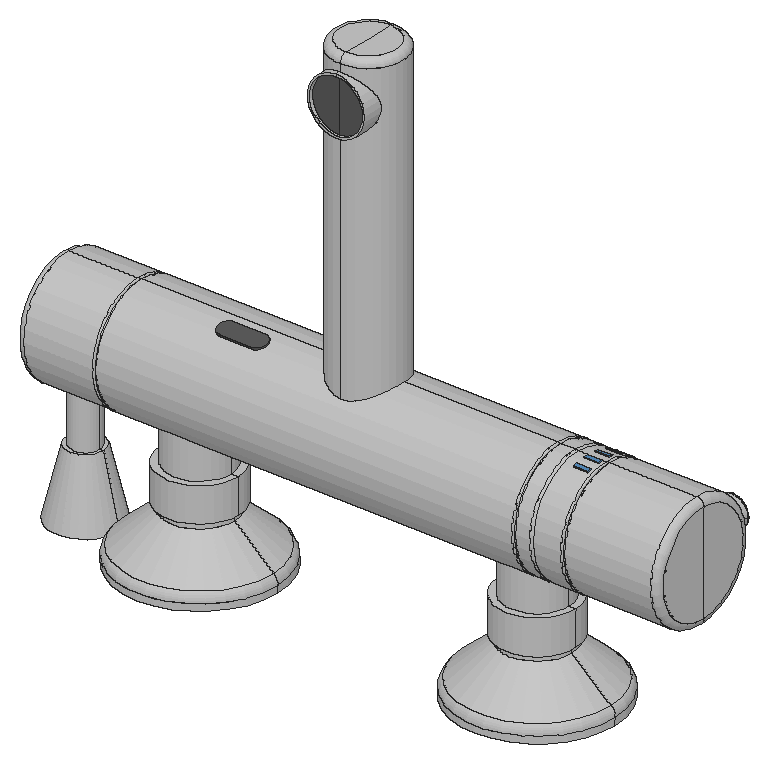
Revit family "Plumbing-Fix_Faucet-Touchless_Stern_Medical-T", category Plumbing Fixtures, host Face, Revit 2024
Family settings
  Host = Face
  Round Connector Dimension = Use Diameter
  Part Type = Normal
  OmniClass Number = 23.45.55.14
  OmniClass Title = Single Faucets
  Enable Cutting in Views = No
  Cut with Voids When Loaded = No
  Maintain Annotation Orientation = No
  Shared = No
  Room Calculation Point = No
Parameters (values of type "1.58 GPM")
  Water Temperature Ring Color [instance] = Finish - Stern - Cold Water
  Waste Connection = no
  Warranty Duration (Years) = 2
  WFU = 0
  Vent Connection = no
  Unit Width = 0' - 11 1/2"
  Unit Height = 0' - 9 1/4"
  URL = "http://www.sternfaucets.com/"
  Type Comments = "as Specified"
  Standards Conformance = "as Specified"
  Spout Reach = 0' - 8 1/2"
  Spout Height = 0' - 0"
  Specification = ""
  SpecWizard = ""
  Sales Information = "http://www.sternfaucets.com/contact-us/contact-us-int-l.html"
  Revision = "R1_2018-04"
  Product Properties = ""
  Product Features = "as Specified"
  Product Data = "http://www.arcat.com/arcatcos/cos50/arc50092.html"
  Power Supply = "9V Transformer"
  Piping_Inlet Diameter = 3/4"
  Piping_Flow = 1.58 GPM
  Operating Temperature Range = "Up to 149 F / 65 C"
  Operating Pressure Range = "7.26 - 116 PSI  ;  0.5 - 8 bar"
  Model = "Medical 1000 TE"
  Manufacturer Website = "http://www.sternfaucets.com/"
  Manufacturer Phone - Toll Free = "800-436-4410"
  Manufacturer Phone = ""
  Manufacturer Fax = ""
  Manufacturer Address = "777 Passaic Ave.  Clifton, NJ 07012"
  Manufacturer = "Stern Engineering"
  Maintenance Schedule (Months) = 0
  Keynote = "22 40 00"
  Installation Phase = ""
  HWFU = 1
  HW Connection = yes
  Green Building-LEED = ""
  Fixture Finish [instance] = Finish - Stern - Chrome
  Expected Lifespan (Years) = 0
  Drawn By = "Sumex Design, Inc. / Robert S. Weygant, CSI, CDT, SCIP"
  Description = "Stern Touchless Wall Mounted Medical Mixing Faucet - Medical 1000 TE as Specified"
  Default Elevation = 0' - 0"
  Cost = 0
  Copyright = "©Arcat Inc."
  Construction Details = ""
  CWFU = 1
  CW Connection = yes
  Body Construction = "Brass"
  Available Options = "as Specified"
  Assembly Code = "D2010300"
  Accent Color [instance] = Finish - Stern - Black
Types (5): name | Piping_Flow
  1.58 GPM | 1.58 GPM
  1 GPM | 1 GPM
  0.8 GPM | 0.8 GPM
  0.5 GPM | 0.5 GPM
  0.35 GPM | 0.35 GPM
Reference planes (in)
  plane 1 "Center (Front/Back)": y = 0
  plane 2: z = 0
  plane 3 "Center (Left/Right)": x = 0
  plane 4: x = -2.95312
  plane 5: x = 2.95313
  plane 6: x = -4.95312
  plane 7: z = 8.5
Forms (in)
  Extrusion 1, void
    sketch origin (0, 0, 0) x (1, 0, 0) y (0, 1, 0)
      loop
        circle (-3.01562, 0) r 0.625
      loop
        circle (2.9892, 0) r 0.625
    from 0 to -1.44157
  Revolve 2, solid, material "Finish - Stern - Chrome" <- "Fixture Finish"
    sketch origin (0, 0, 0) x (1, 0, 0) y (0, 0, 1)
      loop
        line (-2.95312, 0) -> (-2.95312, 3.08747) -> (-3.51027, 3.08747) -> (-3.51027, 1.58747) -> (-3.63587, 1.58747) -> (-3.63587, 0.98458) -> (-3.56364, 0.98458) -> (-3.56364, 0.87087) -> (-4.2464, 0.27736)
        arc (-4.2464, 0.27736) -> (-4.29951, 0.20623) -> (-4.31835, 0.11948) r 0.20919
        line (-4.31835, 0.11948) -> (-4.31835, 0) -> (-2.95312, 0)
      axis (-2.95312, 0) -> (-2.95312, 3.08747)
    angle from 0 to 360
  Revolve 3, solid, material "Finish - Stern - Chrome" <- "Fixture Finish"
    sketch origin (5.90625, 0, 0) x (1, 0, 0) y (0, 0, 1)
      loop
        line (-2.95312, 0) -> (-2.95312, 3.08747) -> (-3.51027, 3.08747) -> (-3.51027, 1.58747) -> (-3.63587, 1.58747) -> (-3.63587, 0.98458) -> (-3.56364, 0.98458) -> (-3.56364, 0.87087) -> (-4.2464, 0.27736)
        arc (-4.2464, 0.27736) -> (-4.29951, 0.20623) -> (-4.31835, 0.11948) r 0.20919
        line (-4.31835, 0.11948) -> (-4.31835, 0) -> (-2.95312, 0)
      axis (-2.95312, 0) -> (-2.95312, 3.08747)
    angle from 0 to 360
  Revolve 4, solid, material "Finish - Stern - Chrome" <- "Fixture Finish"
    sketch origin (-0.54552, 0, -7.57632) x (0, 0, 1) y (-1, 0, 0)
      loop
        line (7.57632, 4.4076) -> (10.68539, 4.4076) -> (10.68539, 4.65748) -> (8.73971, 4.65748) -> (8.73971, 4.72544) -> (7.57632, 5.01551) -> (7.57632, 4.4076)
      axis (7.57632, 4.4076) -> (10.68539, 4.4076)
    angle from 0 to 360
  Revolve 5, solid, material "Finish - Stern - Chrome" <- "Fixture Finish"
    sketch origin (0, 0, 0) x (1, 0, 0) y (0, 0, 1)
      loop
        line (-5.36188, 3.08747) -> (5.86448, 3.08747) -> (5.86448, 3.96247)
        arc (5.86448, 3.96247) -> (5.82787, 4.05086) -> (5.73948, 4.08747) r 0.125
        line (5.73948, 4.08747) -> (4.23195, 4.08747)
        arc (4.23195, 4.08747) -> (4.20985, 4.07832) -> (4.2007, 4.05622) r 0.03125
        arc (4.2007, 4.05622) -> (4.19154, 4.07832) -> (4.16945, 4.08747) r 0.03125
        line (4.16945, 4.08747) -> (3.68898, 4.08747) -> (3.68898, 4.02163)
        arc (3.68898, 4.02163) -> (3.66969, 4.06819) -> (3.62314, 4.08747) r 0.06584
        line (3.62314, 4.08747) -> (3.37314, 4.08747)
        arc (3.37314, 4.08747) -> (3.35104, 4.07832) -> (3.34189, 4.05622) r 0.03125
        arc (3.34189, 4.05622) -> (3.33274, 4.07832) -> (3.31064, 4.08747) r 0.03125
        line (3.31064, 4.08747) -> (-3.96793, 4.08747)
        arc (-3.96793, 4.08747) -> (-3.99003, 4.07832) -> (-3.99918, 4.05622) r 0.03125
        arc (-3.99918, 4.05622) -> (-4.00834, 4.07832) -> (-4.03043, 4.08747) r 0.03125
        line (-4.03043, 4.08747) -> (-5.23688, 4.08747)
        arc (-5.23688, 4.08747) -> (-5.32527, 4.05086) -> (-5.36188, 3.96247) r 0.125
        line (-5.36188, 3.96247) -> (-5.36188, 3.08747)
      axis (5.86448, 3.08747) -> (-5.36188, 3.08747)
    angle from 0 to 360
  Revolve 6, solid, material "Finish - Stern - Chrome" <- "Fixture Finish"
    sketch origin (0, -3.14997, 3.08747) x (1, 0, 0) y (0, 1, 0)
      loop
        line (5.26973, 3.87144) -> (5.26973, 4.54261) -> (5.02001, 4.54261)
        arc (5.02001, 4.54261) -> (4.99791, 4.53346) -> (4.98876, 4.51136) r 0.03125
        line (4.98876, 4.51136) -> (4.98876, 3.87144) -> (5.26973, 3.87144)
      axis (5.26973, 4.54261) -> (5.26973, 3.87144)
    angle from 0 to 360
  Extrusion 7, solid, material "Finish - Stern - Cold Water" <- "Water Temperature Ring Color"
    sketch origin (0, -2.87716, 2.20772) x (1, 0, 0) y (0, 0.965926, 0.258819)
      loop
        line (3.85087, 3.01583) -> (3.85087, 2.94147) -> (4.10087, 2.94147) -> (4.10087, 3.01583) -> (3.85087, 3.01583)
    from 0 to 1.11157
  Extrusion 8, solid, material "Finish - Stern - Cold Water" <- "Water Temperature Ring Color"
    sketch origin (0, -2.97457, 2.82276) x (1, 0, 0) y (0, 0.99863, 0.052336)
      loop
        line (3.85087, 3.01583) -> (3.85087, 2.94147) -> (4.10087, 2.94147) -> (4.10087, 3.01583) -> (3.85087, 3.01583)
    from 0 to 1.11157
  Extrusion 9, solid, material "Finish - Stern - Cold Water" <- "Water Temperature Ring Color"
    sketch origin (0, -2.94198, 3.44462) x (1, 0, 0) y (0, 0.987688, -0.156434)
      loop
        line (3.85087, 3.01583) -> (3.85087, 2.94147) -> (4.10087, 2.94147) -> (4.10087, 3.01583) -> (3.85087, 3.01583)
    from 0 to 1.11157
  Extrusion 10, solid, material "Finish - Stern - Cold Water" <- "Water Temperature Ring Color"
    sketch origin (0, -2.76176, 4.09447) x (1, 0, 0) y (0, 0.927184, -0.374607)
      loop
        line (3.85087, 3.01583) -> (3.85087, 2.94147) -> (4.10087, 2.94147) -> (4.10087, 3.01583) -> (3.85087, 3.01583)
    from 0 to 1.10437
  Extrusion 11, solid, material "Finish - Stern - Cold Water" <- "Water Temperature Ring Color"
    sketch origin (0, -2.46941, 4.64429) x (1, 0, 0) y (0, 0.829038, -0.559193)
      loop
        line (3.85087, 3.01583) -> (3.85087, 2.94147) -> (4.10087, 2.94147) -> (4.10087, 3.01583) -> (3.85087, 3.01583)
    from 0 to 1.09418
  Extrusion 12, solid, material "Finish - Stern - Cold Water" <- "Water Temperature Ring Color"
    sketch origin (0, -2.03144, 5.1571) x (1, 0, 0) y (0, 0.681998, -0.731354)
      loop
        line (3.85087, 3.01583) -> (3.85087, 2.94147) -> (4.10087, 2.94147) -> (4.10087, 3.01583) -> (3.85087, 3.01583)
    from 0 to 1.07702
  Extrusion 13, solid, material "Finish - Stern - Black" <- "Accent Color"
    sketch origin (0, -2.3129, 1.89917) x (1, 0, 0) y (0, 0.965926, 0.258819)
      loop
        arc (-2.24227, 2.65802) -> (-2.39477, 2.50552) -> (-2.24227, 2.35302) r 0.1525
        line (-2.24227, 2.35302) -> (-1.68891, 2.35302)
        arc (-1.68891, 2.35302) -> (-1.53641, 2.50552) -> (-1.68891, 2.65802) r 0.1525
        line (-1.68891, 2.65802) -> (-2.24227, 2.65802)
    from 1.37077 to 1.55347
  Revolve 14, solid, material "Finish - Stern - Chrome" <- "Fixture Finish"
    sketch origin (0, 0, 0) x (0, 1, 0) y (0, 0, 1)
      loop
        line (-0.61169, 3.02949) -> (0, 3.02949) -> (0, 9.25) -> (-0.48669, 9.25)
        arc (-0.48669, 9.25) -> (-0.57508, 9.21339) -> (-0.61169, 9.125) r 0.125
        line (-0.61169, 9.125) -> (-0.61169, 3.02949)
      axis (0, 9.25) -> (0, 3.02949)
    angle from 0 to 360
  Revolve 15, solid, material "Finish - Stern - Chrome" <- "Fixture Finish"
    sketch origin (0, 0, -0.09178) x (0, 1, 0) y (0, 0, 1)
      loop
        line (-0.70428, 9.09178) -> (-0.70428, 9.05726) -> (-0.65192, 9.05726) -> (-0.65192, 8.59178) -> (0, 8.59178) -> (0, 9.09178) -> (-0.70428, 9.09178)
      axis (0, 8.59178) -> (-0.70428, 8.59178)
    angle from 0 to 360
Cuts and joins
  joined: Revolve 5, Revolve 6
Dimensions and locks (in)
  equal spacing: plane 5, plane 3 "Center (Left/Right)", plane 4
  locked: plane 5 to plane 4 at 5.90625
  locked: plane 4 to plane 6 at 2
  aligned and locked: plane 2 to host face
  aligned and locked: level to host face
Automatic sketch dimensions
  host sketch curve to host sketch curve = 8' - 0"  (x2)
  plane 1 "Center (Front/Back)" to Extrusion 1 sketch curve = 0' - 0"  (x2)
  Extrusion 1 sketch curve to plane 4 = 0' - 0 1/16"
  plane 5 to Extrusion 1 sketch curve = 0' - 0.03608"
  Revolve 2 sketch curve to level = 0' - 0"
  Revolve 2 sketch curve to plane 4 = 0' - 0"  (x2)
  Revolve 2 sketch curve to Revolve 2 sketch curve = 0' - 0.55714"
  Revolve 2 sketch curve to Revolve 2 sketch curve = 0' - 0.05337"
  Revolve 2 sketch curve to Revolve 2 sketch curve = 0' - 0.07223"
  level to Revolve 2 sketch curve = 0' - 0.11948"
  Revolve 2 sketch curve to plane 6 = 0' - 0.84397"
  level to Revolve 2 sketch curve = 0' - 0 71/256"
  Revolve 2 sketch curve to Revolve 2 sketch curve = 0' - 0.13724"
  level to Revolve 2 sketch curve = 0' - 0.87087"
  Revolve 2 sketch curve to Revolve 2 sketch curve = 0' - 0.1137"
  Revolve 2 sketch curve to Revolve 2 sketch curve = 0' - 0.6029"
  Revolve 2 sketch curve to Revolve 2 sketch curve = 0' - 1 1/2"
  Revolve 2 sketch curve to level = 0' - 0.36227"
  Revolve 2 sketch curve to Revolve 2 sketch curve = 0' - 0.15456"
  Revolve 3 sketch curve to level = 0' - 0"
  Revolve 3 sketch curve to plane 5 = 0' - 0"  (x2)
  Revolve 3 sketch curve to Revolve 3 sketch curve = 0' - 0.55714"
  Revolve 3 sketch curve to Revolve 3 sketch curve = 0' - 0.05337"
  Revolve 3 sketch curve to Revolve 3 sketch curve = 0' - 0.07223"
  level to Revolve 3 sketch curve = 0' - 0.11948"
  Revolve 3 sketch curve to Revolve 3 sketch curve = 0' - 0.54552"
  level to Revolve 3 sketch curve = 0' - 0 71/256"
  Revolve 3 sketch curve to Revolve 3 sketch curve = 0' - 0.13724"
  level to Revolve 3 sketch curve = 0' - 0.87087"
  Revolve 3 sketch curve to Revolve 3 sketch curve = 0' - 0.1137"
  Revolve 3 sketch curve to Revolve 3 sketch curve = 0' - 0.6029"
  Revolve 3 sketch curve to Revolve 3 sketch curve = 0' - 1 1/2"
  Revolve 3 sketch curve to level = 0' - 0.36227"
  Revolve 3 sketch curve to Revolve 3 sketch curve = 0' - 0.15456"
  plane 6 to Revolve 4 sketch curve = 0' - 0"  (x2)
  Revolve 4 sketch curve to level = 0' - 0"
  plane 6 to Revolve 4 sketch curve = 0' - 0.31784"
  level to Revolve 4 sketch curve = 0' - 1.16339"
  Revolve 4 sketch curve to Revolve 4 sketch curve = 0' - 1.94568"
  plane 6 to Revolve 4 sketch curve = 0' - 0.24988"
  plane 6 to Revolve 4 sketch curve = 0' - 0.60791"
  Revolve 4 sketch curve to Revolve 4 sketch curve = 0' - 0.05286"
  Revolve 4 sketch curve to Revolve 4 sketch curve = 0' - 0.08199"
  plane 6 to Revolve 5 sketch curve = 0' - 0.40875"
  Revolve 5 sketch curve to Revolve 5 sketch curve = 0' - 0 1/8"  (x2)
  Revolve 5 sketch curve to plane 6 = 0' - 0.92269"
  Revolve 5 sketch curve to Revolve 5 sketch curve = 0' - 0 1/16"  (x3)
  plane 5 to Revolve 5 sketch curve = 0' - 0.35751"
  Revolve 5 sketch curve to Revolve 5 sketch curve = 0' - 0 1/4"
  Revolve 5 sketch curve to Revolve 5 sketch curve = 0' - 0.06584"  (x2)
  Revolve 5 sketch curve to Revolve 5 sketch curve = 0' - 0 123/256"
  Revolve 5 sketch curve to Revolve 5 sketch curve = 0' - 1.50753"
  level to Revolve 5 sketch curve = 0' - 3.08747"
  Revolve 5 sketch curve to Revolve 5 sketch curve = 0' - 0 7/8"  (x2)
  Revolve 5 sketch curve to Revolve 5 sketch curve = 0' - 0 1/32"  (x5)
  Revolve 5 sketch curve to Revolve 5 sketch curve = 0' - 0"  (x4)
  Revolve 5 sketch curve to Revolve 5 sketch curve = 0' - 2.37785"
  Revolve 5 sketch curve to Revolve 5 sketch curve = 0' - 1.14579"
  plane 5 to Revolve 6 sketch curve = 0' - 2.03564"
  Revolve 6 sketch curve to Revolve 6 sketch curve = 0' - 0 1/32"
  Revolve 6 sketch curve to Revolve 6 sketch curve = 0' - 0.24972"
  Revolve 6 sketch curve to plane 1 "Center (Front/Back)" = 0' - 0.72147"
  Revolve 6 sketch curve to Revolve 6 sketch curve = 0' - 0.63992"
  Revolve 6 sketch curve to Revolve 6 sketch curve = 0' - 0"
  Revolve 6 sketch curve to Revolve 6 sketch curve = 0' - 0.14592"
  Revolve 6 sketch curve to Revolve 6 sketch curve = 0' - 0.06709"
  plane 5 to Extrusion 7 sketch curve = 0' - 0.89774"
  Extrusion 7 sketch curve to Extrusion 7 sketch curve = 0' - 0 1/4"
  Extrusion 7 sketch curve to Extrusion 7 sketch curve = 0' - 0.07436"
  plane 5 to Extrusion 8 sketch curve = 0' - 0.89774"
  Extrusion 8 sketch curve to Extrusion 8 sketch curve = 0' - 0 1/4"
  Extrusion 8 sketch curve to Extrusion 8 sketch curve = 0' - 0.07436"
  plane 5 to Extrusion 9 sketch curve = 0' - 0.89774"
  Extrusion 9 sketch curve to Extrusion 9 sketch curve = 0' - 0 1/4"
  Extrusion 9 sketch curve to Extrusion 9 sketch curve = 0' - 0.07436"
  plane 5 to Extrusion 10 sketch curve = 0' - 0.89774"
  Extrusion 10 sketch curve to Extrusion 10 sketch curve = 0' - 0 1/4"
  Extrusion 10 sketch curve to Extrusion 10 sketch curve = 0' - 0.07436"
  plane 5 to Extrusion 11 sketch curve = 0' - 0.89774"
  Extrusion 11 sketch curve to Extrusion 11 sketch curve = 0' - 0 1/4"
  Extrusion 11 sketch curve to Extrusion 11 sketch curve = 0' - 0.07436"
  plane 5 to Extrusion 12 sketch curve = 0' - 0.89774"
  Extrusion 12 sketch curve to Extrusion 12 sketch curve = 0' - 0 1/4"
  Extrusion 12 sketch curve to Extrusion 12 sketch curve = 0' - 0.07436"
  plane 4 to Extrusion 13 sketch curve = 0' - 0.71086"
  Extrusion 13 sketch curve to Extrusion 13 sketch curve = 0' - 0.55336"
  Extrusion 13 sketch curve to Extrusion 13 sketch curve = 0' - 0.1525"
  Extrusion 13 sketch curve to Extrusion 13 sketch curve = 0' - 0"
  Revolve 15 sketch curve to plane 1 "Center (Front/Back)" = 0' - 0"
  plane 1 "Center (Front/Back)" to Revolve 15 sketch curve = 0' - 0.65192"
  Revolve 15 sketch curve to Revolve 15 sketch curve = 0' - 0.05237"
  level to Revolve 15 sketch curve = 0' - 8 1/2"
  Revolve 15 sketch curve to Revolve 15 sketch curve = 0' - 0.46549"  (x2)
  Revolve 15 sketch curve to Revolve 15 sketch curve = 0' - 1.75111"
  Revolve 15 sketch curve to Revolve 15 sketch curve = 0' - 0.03451"
  Revolve 15 sketch curve to Revolve 15 sketch curve = 0' - 0.84698"
  Revolve 14 sketch curve to plane 1 "Center (Front/Back)" = 0' - 0"  (x2)
  plane 1 "Center (Front/Back)" to Revolve 14 sketch curve = 0' - 0.48669"
  Revolve 14 sketch curve to Revolve 14 sketch curve = 0' - 0 1/8"
  level to Revolve 14 sketch curve = 0' - 3.02949"
  Revolve 14 sketch curve to plane 7 = 0' - 0 5/8"
  Revolve 14 sketch curve to Revolve 14 sketch curve = 0' - 0.87617"
  Revolve 14 sketch curve to Revolve 14 sketch curve = 0' - 0.30787"
  radius of Extrusion 1 sketch curve = 0' - 0 5/8"  (x2)
Connectors (in)
  electrical at (-4.95312, 0, 0)
    settings: on Revolve 4, index 1, voltage 0 V, apparent load 0 VA, apparent load phase1 0 VA, apparent load phase2 0 VA, apparent load phase3 0 VA, power factor 1, load classification "Other", number of poles 1, system type 13, power factor state 1, is connector primary yes, connector utility no, sub classification motor no, connector description ""
  piping at (-2.95312, 0, 0), diameter 0.75, driven by "Piping_Flow", driven by "Piping_Inlet Diameter"
    settings: on Revolve 2, index 2, connector inside diameter 24", connector length 0' - 0", flow factor 0, pipe flow 1.58 GPM, pressure drop 0.00 psi, fitting loss kfactor 0, connector angle 0.00°, fixture units 0, engagement length 0' - 0", angle of deflection 0.00°, flow configuration 0, flow direction 1, fitting loss method 0, system type 19, joint type 0, gender type 0, connector reference index -1, connector utility 0, adjustable connector no, is connector primary yes, connector description "HW Inlet"
  piping at (2.95313, 0, 0), diameter 0.75, driven by "Piping_Flow", driven by "Piping_Inlet Diameter"
    settings: on Revolve 3, index 3, connector inside diameter 24", connector length 0' - 0", flow factor 0, pipe flow 1.58 GPM, pressure drop 0.00 psi, fitting loss kfactor 0, connector angle 0.00°, fixture units 0, engagement length 0' - 0", angle of deflection 0.00°, flow configuration 0, flow direction 1, fitting loss method 0, system type 20, joint type 0, gender type 0, connector reference index -1, connector utility 0, adjustable connector no, is connector primary no, connector description "CW Inlet"
